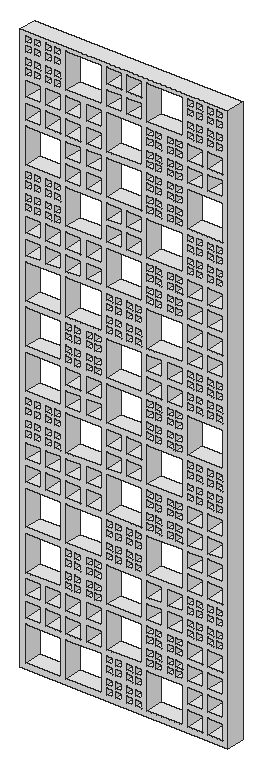
Revit family "Famiglia_Pannello_Facciata", category Curtain Panels, Revit 2014
Parameters (values of type "Pannello Verticale")
  Spessore_Pannello [instance] = 100 mm
  Materiale_Pannello_Acciaio [instance] = Aluminum
  Larghezza_Pannello [instance] = 1180 mm
  Altezza_Pannello [instance] = 3240 mm
Reference planes
  plane 1 "Center (Front/Back)": y = 0
  plane 2: z = 0
  plane 3 "Center (Left/Right)": x = 0
  plane 4 "Left": x = -590
  plane 5 "Right": x = 590
  plane 6 "Top": z = 3240
  plane 7: y = -100
  plane 8: z = 2660
  plane 9: z = 2430
  plane 10: z = 2200
  plane 11: z = 1970
  plane 12: z = 1740
  plane 13: z = 1510
  plane 14: z = 1280
  plane 15: z = 1050
  plane 16: z = 820
  plane 17: z = 590
  plane 18: z = 360
  plane 19: z = 130
  plane 20: z = 2890
  plane 21: z = 3120
Forms (mm)
  Extrusion 1, solid, material "Aluminum" <- "Materiale_Pannello_Acciaio"
    sketch origin (0, 0, 0) x (1, 0, 0) y (0, 0, 1)
      loop
        line (590, 3240) -> (-590, 3240) -> (-590, 0) -> (590, 0) -> (590, 3240)
      loop
        line (560, 2760) -> (360, 2760) -> (360, 2560) -> (560, 2560) -> (560, 2760)
      loop
        line (100, 2760) -> (-100, 2760) -> (-100, 2560) -> (100, 2560) -> (100, 2760)
      loop
        line (-360, 2760) -> (-560, 2760) -> (-560, 2560) -> (-360, 2560) -> (-360, 2760)
      loop
        line (165, 2710) -> (130, 2710) -> (130, 2675) -> (165, 2675) -> (165, 2710)
      loop
        line (-245, 2645) -> (-330, 2645) -> (-330, 2560) -> (-245, 2560) -> (-245, 2645)
      loop
        line (-130, 2645) -> (-215, 2645) -> (-215, 2560) -> (-130, 2560) -> (-130, 2645)
      loop
        line (-130, 2760) -> (-215, 2760) -> (-215, 2675) -> (-130, 2675) -> (-130, 2760)
      loop
        line (-245, 2760) -> (-330, 2760) -> (-330, 2675) -> (-245, 2675) -> (-245, 2760)
      loop
        line (215, 2710) -> (180, 2710) -> (180, 2675) -> (215, 2675) -> (215, 2710)
      loop
        line (165, 2760) -> (130, 2760) -> (130, 2725) -> (165, 2725) -> (165, 2760)
      loop
        line (215, 2760) -> (180, 2760) -> (180, 2725) -> (215, 2725) -> (215, 2760)
      loop
        line (165, 2595) -> (130, 2595) -> (130, 2560) -> (165, 2560) -> (165, 2595)
      loop
        line (215, 2595) -> (180, 2595) -> (180, 2560) -> (215, 2560) -> (215, 2595)
      loop
        line (165, 2645) -> (130, 2645) -> (130, 2610) -> (165, 2610) -> (165, 2645)
      loop
        line (215, 2645) -> (180, 2645) -> (180, 2610) -> (215, 2610) -> (215, 2645)
      loop
        line (280, 2710) -> (245, 2710) -> (245, 2675) -> (280, 2675) -> (280, 2710)
      loop
        line (330, 2710) -> (295, 2710) -> (295, 2675) -> (330, 2675) -> (330, 2710)
      loop
        line (280, 2760) -> (245, 2760) -> (245, 2725) -> (280, 2725) -> (280, 2760)
      loop
        line (330, 2760) -> (295, 2760) -> (295, 2725) -> (330, 2725) -> (330, 2760)
      loop
        line (280, 2595) -> (245, 2595) -> (245, 2560) -> (280, 2560) -> (280, 2595)
      loop
        line (330, 2595) -> (295, 2595) -> (295, 2560) -> (330, 2560) -> (330, 2595)
      loop
        line (280, 2645) -> (245, 2645) -> (245, 2610) -> (280, 2610) -> (280, 2645)
      loop
        line (330, 2645) -> (295, 2645) -> (295, 2610) -> (330, 2610) -> (330, 2645)
      loop
        line (-130, 2530) -> (-330, 2530) -> (-330, 2330) -> (-130, 2330) -> (-130, 2530)
      loop
        line (-525, 2480) -> (-560, 2480) -> (-560, 2445) -> (-525, 2445) -> (-525, 2480)
      loop
        line (-475, 2480) -> (-510, 2480) -> (-510, 2445) -> (-475, 2445) -> (-475, 2480)
      loop
        line (-525, 2530) -> (-560, 2530) -> (-560, 2495) -> (-525, 2495) -> (-525, 2530)
      loop
        line (-475, 2530) -> (-510, 2530) -> (-510, 2495) -> (-475, 2495) -> (-475, 2530)
      loop
        line (-525, 2365) -> (-560, 2365) -> (-560, 2330) -> (-525, 2330) -> (-525, 2365)
      loop
        line (-475, 2365) -> (-510, 2365) -> (-510, 2330) -> (-475, 2330) -> (-475, 2365)
      loop
        line (-525, 2415) -> (-560, 2415) -> (-560, 2380) -> (-525, 2380) -> (-525, 2415)
      loop
        line (-475, 2415) -> (-510, 2415) -> (-510, 2380) -> (-475, 2380) -> (-475, 2415)
      loop
        line (-410, 2480) -> (-445, 2480) -> (-445, 2445) -> (-410, 2445) -> (-410, 2480)
      loop
        line (-360, 2480) -> (-395, 2480) -> (-395, 2445) -> (-360, 2445) -> (-360, 2480)
      loop
        line (-410, 2530) -> (-445, 2530) -> (-445, 2495) -> (-410, 2495) -> (-410, 2530)
      loop
        line (-360, 2530) -> (-395, 2530) -> (-395, 2495) -> (-360, 2495) -> (-360, 2530)
      loop
        line (-410, 2365) -> (-445, 2365) -> (-445, 2330) -> (-410, 2330) -> (-410, 2365)
      loop
        line (-360, 2365) -> (-395, 2365) -> (-395, 2330) -> (-360, 2330) -> (-360, 2365)
      loop
        line (-410, 2415) -> (-445, 2415) -> (-445, 2380) -> (-410, 2380) -> (-410, 2415)
      loop
        line (-360, 2415) -> (-395, 2415) -> (-395, 2380) -> (-360, 2380) -> (-360, 2415)
      loop
        line (-245, 2185) -> (-330, 2185) -> (-330, 2100) -> (-245, 2100) -> (-245, 2185)
      loop
        line (-130, 2185) -> (-215, 2185) -> (-215, 2100) -> (-130, 2100) -> (-130, 2185)
      loop
        line (-130, 2300) -> (-215, 2300) -> (-215, 2215) -> (-130, 2215) -> (-130, 2300)
      loop
        line (-245, 2300) -> (-330, 2300) -> (-330, 2215) -> (-245, 2215) -> (-245, 2300)
      loop
        line (-130, 2070) -> (-330, 2070) -> (-330, 1870) -> (-130, 1870) -> (-130, 2070)
      loop
        line (-15, 2415) -> (-100, 2415) -> (-100, 2330) -> (-15, 2330) -> (-15, 2415)
      loop
        line (100, 2415) -> (15, 2415) -> (15, 2330) -> (100, 2330) -> (100, 2415)
      loop
        line (100, 2530) -> (15, 2530) -> (15, 2445) -> (100, 2445) -> (100, 2530)
      loop
        line (-15, 2530) -> (-100, 2530) -> (-100, 2445) -> (-15, 2445) -> (-15, 2530)
      loop
        line (-475, 2185) -> (-560, 2185) -> (-560, 2100) -> (-475, 2100) -> (-475, 2185)
      loop
        line (-360, 2185) -> (-445, 2185) -> (-445, 2100) -> (-360, 2100) -> (-360, 2185)
      loop
        line (-360, 2300) -> (-445, 2300) -> (-445, 2215) -> (-360, 2215) -> (-360, 2300)
      loop
        line (-475, 2300) -> (-560, 2300) -> (-560, 2215) -> (-475, 2215) -> (-475, 2300)
      loop
        line (100, 2300) -> (-100, 2300) -> (-100, 2100) -> (100, 2100) -> (100, 2300)
      loop
        line (165, 2250) -> (130, 2250) -> (130, 2215) -> (165, 2215) -> (165, 2250)
      loop
        line (215, 2250) -> (180, 2250) -> (180, 2215) -> (215, 2215) -> (215, 2250)
      loop
        line (165, 2300) -> (130, 2300) -> (130, 2265) -> (165, 2265) -> (165, 2300)
      loop
        line (215, 2300) -> (180, 2300) -> (180, 2265) -> (215, 2265) -> (215, 2300)
      loop
        line (165, 2135) -> (130, 2135) -> (130, 2100) -> (165, 2100) -> (165, 2135)
      loop
        line (215, 2135) -> (180, 2135) -> (180, 2100) -> (215, 2100) -> (215, 2135)
      loop
        line (165, 2185) -> (130, 2185) -> (130, 2150) -> (165, 2150) -> (165, 2185)
      loop
        line (215, 2185) -> (180, 2185) -> (180, 2150) -> (215, 2150) -> (215, 2185)
      loop
        line (280, 2250) -> (245, 2250) -> (245, 2215) -> (280, 2215) -> (280, 2250)
      loop
        line (330, 2250) -> (295, 2250) -> (295, 2215) -> (330, 2215) -> (330, 2250)
      loop
        line (280, 2300) -> (245, 2300) -> (245, 2265) -> (280, 2265) -> (280, 2300)
      loop
        line (330, 2300) -> (295, 2300) -> (295, 2265) -> (330, 2265) -> (330, 2300)
      loop
        line (280, 2135) -> (245, 2135) -> (245, 2100) -> (280, 2100) -> (280, 2135)
      loop
        line (330, 2135) -> (295, 2135) -> (295, 2100) -> (330, 2100) -> (330, 2135)
      loop
        line (280, 2185) -> (245, 2185) -> (245, 2150) -> (280, 2150) -> (280, 2185)
      loop
        line (330, 2185) -> (295, 2185) -> (295, 2150) -> (330, 2150) -> (330, 2185)
      loop
        line (330, 2530) -> (130, 2530) -> (130, 2330) -> (330, 2330) -> (330, 2530)
      loop
        line (330, 2070) -> (130, 2070) -> (130, 1870) -> (330, 1870) -> (330, 2070)
      loop
        line (-65, 2020) -> (-100, 2020) -> (-100, 1985) -> (-65, 1985) -> (-65, 2020)
      loop
        line (-15, 2020) -> (-50, 2020) -> (-50, 1985) -> (-15, 1985) -> (-15, 2020)
      loop
        line (-65, 2070) -> (-100, 2070) -> (-100, 2035) -> (-65, 2035) -> (-65, 2070)
      loop
        line (-15, 2070) -> (-50, 2070) -> (-50, 2035) -> (-15, 2035) -> (-15, 2070)
      loop
        line (-65, 1905) -> (-100, 1905) -> (-100, 1870) -> (-65, 1870) -> (-65, 1905)
      loop
        line (-15, 1905) -> (-50, 1905) -> (-50, 1870) -> (-15, 1870) -> (-15, 1905)
      loop
        line (-65, 1955) -> (-100, 1955) -> (-100, 1920) -> (-65, 1920) -> (-65, 1955)
      loop
        line (-15, 1955) -> (-50, 1955) -> (-50, 1920) -> (-15, 1920) -> (-15, 1955)
      loop
        line (50, 2020) -> (15, 2020) -> (15, 1985) -> (50, 1985) -> (50, 2020)
      loop
        line (100, 2020) -> (65, 2020) -> (65, 1985) -> (100, 1985) -> (100, 2020)
      loop
        line (50, 2070) -> (15, 2070) -> (15, 2035) -> (50, 2035) -> (50, 2070)
      loop
        line (100, 2070) -> (65, 2070) -> (65, 2035) -> (100, 2035) -> (100, 2070)
      loop
        line (50, 1905) -> (15, 1905) -> (15, 1870) -> (50, 1870) -> (50, 1905)
      loop
        line (100, 1905) -> (65, 1905) -> (65, 1870) -> (100, 1870) -> (100, 1905)
      loop
        line (50, 1955) -> (15, 1955) -> (15, 1920) -> (50, 1920) -> (50, 1955)
      loop
        line (100, 1955) -> (65, 1955) -> (65, 1920) -> (100, 1920) -> (100, 1955)
      loop
        line (395, 2480) -> (360, 2480) -> (360, 2445) -> (395, 2445) -> (395, 2480)
      loop
        line (445, 2480) -> (410, 2480) -> (410, 2445) -> (445, 2445) -> (445, 2480)
      loop
        line (395, 2530) -> (360, 2530) -> (360, 2495) -> (395, 2495) -> (395, 2530)
      loop
        line (445, 2530) -> (410, 2530) -> (410, 2495) -> (445, 2495) -> (445, 2530)
      loop
        line (395, 2365) -> (360, 2365) -> (360, 2330) -> (395, 2330) -> (395, 2365)
      loop
        line (445, 2365) -> (410, 2365) -> (410, 2330) -> (445, 2330) -> (445, 2365)
      loop
        line (395, 2415) -> (360, 2415) -> (360, 2380) -> (395, 2380) -> (395, 2415)
      loop
        line (445, 2415) -> (410, 2415) -> (410, 2380) -> (445, 2380) -> (445, 2415)
      loop
        line (510, 2480) -> (475, 2480) -> (475, 2445) -> (510, 2445) -> (510, 2480)
      loop
        line (560, 2480) -> (525, 2480) -> (525, 2445) -> (560, 2445) -> (560, 2480)
      loop
        line (510, 2530) -> (475, 2530) -> (475, 2495) -> (510, 2495) -> (510, 2530)
      loop
        line (560, 2530) -> (525, 2530) -> (525, 2495) -> (560, 2495) -> (560, 2530)
      loop
        line (510, 2365) -> (475, 2365) -> (475, 2330) -> (510, 2330) -> (510, 2365)
      loop
        line (560, 2365) -> (525, 2365) -> (525, 2330) -> (560, 2330) -> (560, 2365)
      loop
        line (510, 2415) -> (475, 2415) -> (475, 2380) -> (510, 2380) -> (510, 2415)
      loop
        line (560, 2415) -> (525, 2415) -> (525, 2380) -> (560, 2380) -> (560, 2415)
      loop
        line (445, 2185) -> (360, 2185) -> (360, 2100) -> (445, 2100) -> (445, 2185)
      loop
        line (560, 2185) -> (475, 2185) -> (475, 2100) -> (560, 2100) -> (560, 2185)
      loop
        line (560, 2300) -> (475, 2300) -> (475, 2215) -> (560, 2215) -> (560, 2300)
      loop
        line (445, 2300) -> (360, 2300) -> (360, 2215) -> (445, 2215) -> (445, 2300)
      loop
        line (215, 1725) -> (130, 1725) -> (130, 1640) -> (215, 1640) -> (215, 1725)
      loop
        line (330, 1725) -> (245, 1725) -> (245, 1640) -> (330, 1640) -> (330, 1725)
      loop
        line (330, 1840) -> (245, 1840) -> (245, 1755) -> (330, 1755) -> (330, 1840)
      loop
        line (215, 1840) -> (130, 1840) -> (130, 1755) -> (215, 1755) -> (215, 1840)
      loop
        line (100, 1840) -> (-100, 1840) -> (-100, 1640) -> (100, 1640) -> (100, 1840)
      loop
        line (-295, 1790) -> (-330, 1790) -> (-330, 1755) -> (-295, 1755) -> (-295, 1790)
      loop
        line (-245, 1790) -> (-280, 1790) -> (-280, 1755) -> (-245, 1755) -> (-245, 1790)
      loop
        line (-295, 1840) -> (-330, 1840) -> (-330, 1805) -> (-295, 1805) -> (-295, 1840)
      loop
        line (-245, 1840) -> (-280, 1840) -> (-280, 1805) -> (-245, 1805) -> (-245, 1840)
      loop
        line (-295, 1675) -> (-330, 1675) -> (-330, 1640) -> (-295, 1640) -> (-295, 1675)
      loop
        line (-245, 1675) -> (-280, 1675) -> (-280, 1640) -> (-245, 1640) -> (-245, 1675)
      loop
        line (-295, 1725) -> (-330, 1725) -> (-330, 1690) -> (-295, 1690) -> (-295, 1725)
      loop
        line (-245, 1725) -> (-280, 1725) -> (-280, 1690) -> (-245, 1690) -> (-245, 1725)
      loop
        line (-180, 1790) -> (-215, 1790) -> (-215, 1755) -> (-180, 1755) -> (-180, 1790)
      loop
        line (-130, 1790) -> (-165, 1790) -> (-165, 1755) -> (-130, 1755) -> (-130, 1790)
      loop
        line (-180, 1840) -> (-215, 1840) -> (-215, 1805) -> (-180, 1805) -> (-180, 1840)
      loop
        line (-130, 1840) -> (-165, 1840) -> (-165, 1805) -> (-130, 1805) -> (-130, 1840)
      loop
        line (-180, 1675) -> (-215, 1675) -> (-215, 1640) -> (-180, 1640) -> (-180, 1675)
      loop
        line (-130, 1675) -> (-165, 1675) -> (-165, 1640) -> (-130, 1640) -> (-130, 1675)
      loop
        line (-180, 1725) -> (-215, 1725) -> (-215, 1690) -> (-180, 1690) -> (-180, 1725)
      loop
        line (-130, 1725) -> (-165, 1725) -> (-165, 1690) -> (-130, 1690) -> (-130, 1725)
      loop
        line (-360, 2070) -> (-560, 2070) -> (-560, 1870) -> (-360, 1870) -> (-360, 2070)
      loop
        line (-360, 1840) -> (-560, 1840) -> (-560, 1640) -> (-360, 1640) -> (-360, 1840)
      loop
        line (445, 1955) -> (360, 1955) -> (360, 1870) -> (445, 1870) -> (445, 1955)
      loop
        line (560, 1955) -> (475, 1955) -> (475, 1870) -> (560, 1870) -> (560, 1955)
      loop
        line (560, 2070) -> (475, 2070) -> (475, 1985) -> (560, 1985) -> (560, 2070)
      loop
        line (445, 2070) -> (360, 2070) -> (360, 1985) -> (445, 1985) -> (445, 2070)
      loop
        line (395, 1790) -> (360, 1790) -> (360, 1755) -> (395, 1755) -> (395, 1790)
      loop
        line (445, 1790) -> (410, 1790) -> (410, 1755) -> (445, 1755) -> (445, 1790)
      loop
        line (395, 1840) -> (360, 1840) -> (360, 1805) -> (395, 1805) -> (395, 1840)
      loop
        line (445, 1840) -> (410, 1840) -> (410, 1805) -> (445, 1805) -> (445, 1840)
      loop
        line (395, 1675) -> (360, 1675) -> (360, 1640) -> (395, 1640) -> (395, 1675)
      loop
        line (445, 1675) -> (410, 1675) -> (410, 1640) -> (445, 1640) -> (445, 1675)
      loop
        line (395, 1725) -> (360, 1725) -> (360, 1690) -> (395, 1690) -> (395, 1725)
      loop
        line (445, 1725) -> (410, 1725) -> (410, 1690) -> (445, 1690) -> (445, 1725)
      loop
        line (510, 1790) -> (475, 1790) -> (475, 1755) -> (510, 1755) -> (510, 1790)
      loop
        line (560, 1790) -> (525, 1790) -> (525, 1755) -> (560, 1755) -> (560, 1790)
      loop
        line (510, 1840) -> (475, 1840) -> (475, 1805) -> (510, 1805) -> (510, 1840)
      loop
        line (560, 1840) -> (525, 1840) -> (525, 1805) -> (560, 1805) -> (560, 1840)
      loop
        line (510, 1675) -> (475, 1675) -> (475, 1640) -> (510, 1640) -> (510, 1675)
      loop
        line (560, 1675) -> (525, 1675) -> (525, 1640) -> (560, 1640) -> (560, 1675)
      loop
        line (510, 1725) -> (475, 1725) -> (475, 1690) -> (510, 1690) -> (510, 1725)
      loop
        line (560, 1725) -> (525, 1725) -> (525, 1690) -> (560, 1690) -> (560, 1725)
      loop
        line (560, 1610) -> (360, 1610) -> (360, 1410) -> (560, 1410) -> (560, 1610)
      loop
        line (100, 1610) -> (-100, 1610) -> (-100, 1410) -> (100, 1410) -> (100, 1610)
      loop
        line (-360, 1610) -> (-560, 1610) -> (-560, 1410) -> (-360, 1410) -> (-360, 1610)
      loop
        line (165, 1560) -> (130, 1560) -> (130, 1525) -> (165, 1525) -> (165, 1560)
      loop
        line (-245, 1495) -> (-330, 1495) -> (-330, 1410) -> (-245, 1410) -> (-245, 1495)
      loop
        line (-130, 1495) -> (-215, 1495) -> (-215, 1410) -> (-130, 1410) -> (-130, 1495)
      loop
        line (-130, 1610) -> (-215, 1610) -> (-215, 1525) -> (-130, 1525) -> (-130, 1610)
      loop
        line (-245, 1610) -> (-330, 1610) -> (-330, 1525) -> (-245, 1525) -> (-245, 1610)
      loop
        line (215, 1560) -> (180, 1560) -> (180, 1525) -> (215, 1525) -> (215, 1560)
      loop
        line (165, 1610) -> (130, 1610) -> (130, 1575) -> (165, 1575) -> (165, 1610)
      loop
        line (215, 1610) -> (180, 1610) -> (180, 1575) -> (215, 1575) -> (215, 1610)
      loop
        line (165, 1445) -> (130, 1445) -> (130, 1410) -> (165, 1410) -> (165, 1445)
      loop
        line (215, 1445) -> (180, 1445) -> (180, 1410) -> (215, 1410) -> (215, 1445)
      loop
        line (165, 1495) -> (130, 1495) -> (130, 1460) -> (165, 1460) -> (165, 1495)
      loop
        line (215, 1495) -> (180, 1495) -> (180, 1460) -> (215, 1460) -> (215, 1495)
      loop
        line (280, 1560) -> (245, 1560) -> (245, 1525) -> (280, 1525) -> (280, 1560)
      loop
        line (330, 1560) -> (295, 1560) -> (295, 1525) -> (330, 1525) -> (330, 1560)
      loop
        line (280, 1610) -> (245, 1610) -> (245, 1575) -> (280, 1575) -> (280, 1610)
      loop
        line (330, 1610) -> (295, 1610) -> (295, 1575) -> (330, 1575) -> (330, 1610)
      loop
        line (280, 1445) -> (245, 1445) -> (245, 1410) -> (280, 1410) -> (280, 1445)
      loop
        line (330, 1445) -> (295, 1445) -> (295, 1410) -> (330, 1410) -> (330, 1445)
      loop
        line (280, 1495) -> (245, 1495) -> (245, 1460) -> (280, 1460) -> (280, 1495)
      loop
        line (330, 1495) -> (295, 1495) -> (295, 1460) -> (330, 1460) -> (330, 1495)
      loop
        line (-130, 1380) -> (-330, 1380) -> (-330, 1180) -> (-130, 1180) -> (-130, 1380)
      loop
        line (-525, 1330) -> (-560, 1330) -> (-560, 1295) -> (-525, 1295) -> (-525, 1330)
      loop
        line (-475, 1330) -> (-510, 1330) -> (-510, 1295) -> (-475, 1295) -> (-475, 1330)
      loop
        line (-525, 1380) -> (-560, 1380) -> (-560, 1345) -> (-525, 1345) -> (-525, 1380)
      loop
        line (-475, 1380) -> (-510, 1380) -> (-510, 1345) -> (-475, 1345) -> (-475, 1380)
      loop
        line (-525, 1215) -> (-560, 1215) -> (-560, 1180) -> (-525, 1180) -> (-525, 1215)
      loop
        line (-475, 1215) -> (-510, 1215) -> (-510, 1180) -> (-475, 1180) -> (-475, 1215)
      loop
        line (-525, 1265) -> (-560, 1265) -> (-560, 1230) -> (-525, 1230) -> (-525, 1265)
      loop
        line (-475, 1265) -> (-510, 1265) -> (-510, 1230) -> (-475, 1230) -> (-475, 1265)
      loop
        line (-410, 1330) -> (-445, 1330) -> (-445, 1295) -> (-410, 1295) -> (-410, 1330)
      loop
        line (-360, 1330) -> (-395, 1330) -> (-395, 1295) -> (-360, 1295) -> (-360, 1330)
      loop
        line (-410, 1380) -> (-445, 1380) -> (-445, 1345) -> (-410, 1345) -> (-410, 1380)
      loop
        line (-360, 1380) -> (-395, 1380) -> (-395, 1345) -> (-360, 1345) -> (-360, 1380)
      loop
        line (-410, 1215) -> (-445, 1215) -> (-445, 1180) -> (-410, 1180) -> (-410, 1215)
      loop
        line (-360, 1215) -> (-395, 1215) -> (-395, 1180) -> (-360, 1180) -> (-360, 1215)
      loop
        line (-410, 1265) -> (-445, 1265) -> (-445, 1230) -> (-410, 1230) -> (-410, 1265)
      loop
        line (-360, 1265) -> (-395, 1265) -> (-395, 1230) -> (-360, 1230) -> (-360, 1265)
      loop
        line (-245, 1035) -> (-330, 1035) -> (-330, 950) -> (-245, 950) -> (-245, 1035)
      loop
        line (-130, 1035) -> (-215, 1035) -> (-215, 950) -> (-130, 950) -> (-130, 1035)
      loop
        line (-130, 1150) -> (-215, 1150) -> (-215, 1065) -> (-130, 1065) -> (-130, 1150)
      loop
        line (-245, 1150) -> (-330, 1150) -> (-330, 1065) -> (-245, 1065) -> (-245, 1150)
      loop
        line (-130, 920) -> (-330, 920) -> (-330, 720) -> (-130, 720) -> (-130, 920)
      loop
        line (-15, 1265) -> (-100, 1265) -> (-100, 1180) -> (-15, 1180) -> (-15, 1265)
      loop
        line (100, 1265) -> (15, 1265) -> (15, 1180) -> (100, 1180) -> (100, 1265)
      loop
        line (100, 1380) -> (15, 1380) -> (15, 1295) -> (100, 1295) -> (100, 1380)
      loop
        line (-15, 1380) -> (-100, 1380) -> (-100, 1295) -> (-15, 1295) -> (-15, 1380)
      loop
        line (-475, 1035) -> (-560, 1035) -> (-560, 950) -> (-475, 950) -> (-475, 1035)
      loop
        line (-360, 1035) -> (-445, 1035) -> (-445, 950) -> (-360, 950) -> (-360, 1035)
      loop
        line (-360, 1150) -> (-445, 1150) -> (-445, 1065) -> (-360, 1065) -> (-360, 1150)
      loop
        line (-475, 1150) -> (-560, 1150) -> (-560, 1065) -> (-475, 1065) -> (-475, 1150)
      loop
        line (100, 1150) -> (-100, 1150) -> (-100, 950) -> (100, 950) -> (100, 1150)
      loop
        line (165, 1100) -> (130, 1100) -> (130, 1065) -> (165, 1065) -> (165, 1100)
      loop
        line (215, 1100) -> (180, 1100) -> (180, 1065) -> (215, 1065) -> (215, 1100)
      loop
        line (165, 1150) -> (130, 1150) -> (130, 1115) -> (165, 1115) -> (165, 1150)
      loop
        line (215, 1150) -> (180, 1150) -> (180, 1115) -> (215, 1115) -> (215, 1150)
      loop
        line (165, 985) -> (130, 985) -> (130, 950) -> (165, 950) -> (165, 985)
      loop
        line (215, 985) -> (180, 985) -> (180, 950) -> (215, 950) -> (215, 985)
      loop
        line (165, 1035) -> (130, 1035) -> (130, 1000) -> (165, 1000) -> (165, 1035)
      loop
        line (215, 1035) -> (180, 1035) -> (180, 1000) -> (215, 1000) -> (215, 1035)
      loop
        line (280, 1100) -> (245, 1100) -> (245, 1065) -> (280, 1065) -> (280, 1100)
      loop
        line (330, 1100) -> (295, 1100) -> (295, 1065) -> (330, 1065) -> (330, 1100)
      loop
        line (280, 1150) -> (245, 1150) -> (245, 1115) -> (280, 1115) -> (280, 1150)
      loop
        line (330, 1150) -> (295, 1150) -> (295, 1115) -> (330, 1115) -> (330, 1150)
      loop
        line (280, 985) -> (245, 985) -> (245, 950) -> (280, 950) -> (280, 985)
      loop
        line (330, 985) -> (295, 985) -> (295, 950) -> (330, 950) -> (330, 985)
      loop
        line (280, 1035) -> (245, 1035) -> (245, 1000) -> (280, 1000) -> (280, 1035)
      loop
        line (330, 1035) -> (295, 1035) -> (295, 1000) -> (330, 1000) -> (330, 1035)
      loop
        line (330, 1380) -> (130, 1380) -> (130, 1180) -> (330, 1180) -> (330, 1380)
      loop
        line (330, 920) -> (130, 920) -> (130, 720) -> (330, 720) -> (330, 920)
      loop
        line (-65, 870) -> (-100, 870) -> (-100, 835) -> (-65, 835) -> (-65, 870)
      loop
        line (-15, 870) -> (-50, 870) -> (-50, 835) -> (-15, 835) -> (-15, 870)
      loop
        line (-65, 920) -> (-100, 920) -> (-100, 885) -> (-65, 885) -> (-65, 920)
      loop
        line (-15, 920) -> (-50, 920) -> (-50, 885) -> (-15, 885) -> (-15, 920)
      loop
        line (-65, 755) -> (-100, 755) -> (-100, 720) -> (-65, 720) -> (-65, 755)
      loop
        line (-15, 755) -> (-50, 755) -> (-50, 720) -> (-15, 720) -> (-15, 755)
      loop
        line (-65, 805) -> (-100, 805) -> (-100, 770) -> (-65, 770) -> (-65, 805)
      loop
        line (-15, 805) -> (-50, 805) -> (-50, 770) -> (-15, 770) -> (-15, 805)
      loop
        line (50, 870) -> (15, 870) -> (15, 835) -> (50, 835) -> (50, 870)
      loop
        line (100, 870) -> (65, 870) -> (65, 835) -> (100, 835) -> (100, 870)
      loop
        line (50, 920) -> (15, 920) -> (15, 885) -> (50, 885) -> (50, 920)
      loop
        line (100, 920) -> (65, 920) -> (65, 885) -> (100, 885) -> (100, 920)
      loop
        line (50, 755) -> (15, 755) -> (15, 720) -> (50, 720) -> (50, 755)
      loop
        line (100, 755) -> (65, 755) -> (65, 720) -> (100, 720) -> (100, 755)
      loop
        line (50, 805) -> (15, 805) -> (15, 770) -> (50, 770) -> (50, 805)
      loop
        line (100, 805) -> (65, 805) -> (65, 770) -> (100, 770) -> (100, 805)
      loop
        line (395, 1330) -> (360, 1330) -> (360, 1295) -> (395, 1295) -> (395, 1330)
      loop
        line (445, 1330) -> (410, 1330) -> (410, 1295) -> (445, 1295) -> (445, 1330)
      loop
        line (395, 1380) -> (360, 1380) -> (360, 1345) -> (395, 1345) -> (395, 1380)
      loop
        line (445, 1380) -> (410, 1380) -> (410, 1345) -> (445, 1345) -> (445, 1380)
      loop
        line (395, 1215) -> (360, 1215) -> (360, 1180) -> (395, 1180) -> (395, 1215)
      loop
        line (445, 1215) -> (410, 1215) -> (410, 1180) -> (445, 1180) -> (445, 1215)
      loop
        line (395, 1265) -> (360, 1265) -> (360, 1230) -> (395, 1230) -> (395, 1265)
      loop
        line (445, 1265) -> (410, 1265) -> (410, 1230) -> (445, 1230) -> (445, 1265)
      loop
        line (510, 1330) -> (475, 1330) -> (475, 1295) -> (510, 1295) -> (510, 1330)
      loop
        line (560, 1330) -> (525, 1330) -> (525, 1295) -> (560, 1295) -> (560, 1330)
      loop
        line (510, 1380) -> (475, 1380) -> (475, 1345) -> (510, 1345) -> (510, 1380)
      loop
        line (560, 1380) -> (525, 1380) -> (525, 1345) -> (560, 1345) -> (560, 1380)
      loop
        line (510, 1215) -> (475, 1215) -> (475, 1180) -> (510, 1180) -> (510, 1215)
      loop
        line (560, 1215) -> (525, 1215) -> (525, 1180) -> (560, 1180) -> (560, 1215)
      loop
        line (510, 1265) -> (475, 1265) -> (475, 1230) -> (510, 1230) -> (510, 1265)
      loop
        line (560, 1265) -> (525, 1265) -> (525, 1230) -> (560, 1230) -> (560, 1265)
      loop
        line (445, 1035) -> (360, 1035) -> (360, 950) -> (445, 950) -> (445, 1035)
      loop
        line (560, 1035) -> (475, 1035) -> (475, 950) -> (560, 950) -> (560, 1035)
      loop
        line (560, 1150) -> (475, 1150) -> (475, 1065) -> (560, 1065) -> (560, 1150)
      loop
        line (445, 1150) -> (360, 1150) -> (360, 1065) -> (445, 1065) -> (445, 1150)
      loop
        line (215, 575) -> (130, 575) -> (130, 490) -> (215, 490) -> (215, 575)
      loop
        line (330, 575) -> (245, 575) -> (245, 490) -> (330, 490) -> (330, 575)
      loop
        line (330, 690) -> (245, 690) -> (245, 605) -> (330, 605) -> (330, 690)
      loop
        line (215, 690) -> (130, 690) -> (130, 605) -> (215, 605) -> (215, 690)
      loop
        line (100, 690) -> (-100, 690) -> (-100, 490) -> (100, 490) -> (100, 690)
      loop
        line (-295, 640) -> (-330, 640) -> (-330, 605) -> (-295, 605) -> (-295, 640)
      loop
        line (-245, 640) -> (-280, 640) -> (-280, 605) -> (-245, 605) -> (-245, 640)
      loop
        line (-295, 690) -> (-330, 690) -> (-330, 655) -> (-295, 655) -> (-295, 690)
      loop
        line (-245, 690) -> (-280, 690) -> (-280, 655) -> (-245, 655) -> (-245, 690)
      loop
        line (-295, 525) -> (-330, 525) -> (-330, 490) -> (-295, 490) -> (-295, 525)
      loop
        line (-245, 525) -> (-280, 525) -> (-280, 490) -> (-245, 490) -> (-245, 525)
      loop
        line (-295, 575) -> (-330, 575) -> (-330, 540) -> (-295, 540) -> (-295, 575)
      loop
        line (-245, 575) -> (-280, 575) -> (-280, 540) -> (-245, 540) -> (-245, 575)
      loop
        line (-180, 640) -> (-215, 640) -> (-215, 605) -> (-180, 605) -> (-180, 640)
      loop
        line (-130, 640) -> (-165, 640) -> (-165, 605) -> (-130, 605) -> (-130, 640)
      loop
        line (-180, 690) -> (-215, 690) -> (-215, 655) -> (-180, 655) -> (-180, 690)
      loop
        line (-130, 690) -> (-165, 690) -> (-165, 655) -> (-130, 655) -> (-130, 690)
      loop
        line (-180, 525) -> (-215, 525) -> (-215, 490) -> (-180, 490) -> (-180, 525)
      loop
        line (-130, 525) -> (-165, 525) -> (-165, 490) -> (-130, 490) -> (-130, 525)
      loop
        line (-180, 575) -> (-215, 575) -> (-215, 540) -> (-180, 540) -> (-180, 575)
      loop
        line (-130, 575) -> (-165, 575) -> (-165, 540) -> (-130, 540) -> (-130, 575)
      loop
        line (-360, 920) -> (-560, 920) -> (-560, 720) -> (-360, 720) -> (-360, 920)
      loop
        line (-360, 690) -> (-560, 690) -> (-560, 490) -> (-360, 490) -> (-360, 690)
      loop
        line (445, 805) -> (360, 805) -> (360, 720) -> (445, 720) -> (445, 805)
      loop
        line (560, 805) -> (475, 805) -> (475, 720) -> (560, 720) -> (560, 805)
      loop
        line (560, 920) -> (475, 920) -> (475, 835) -> (560, 835) -> (560, 920)
      loop
        line (445, 920) -> (360, 920) -> (360, 835) -> (445, 835) -> (445, 920)
      loop
        line (395, 640) -> (360, 640) -> (360, 605) -> (395, 605) -> (395, 640)
      loop
        line (445, 640) -> (410, 640) -> (410, 605) -> (445, 605) -> (445, 640)
      loop
        line (395, 690) -> (360, 690) -> (360, 655) -> (395, 655) -> (395, 690)
      loop
        line (445, 690) -> (410, 690) -> (410, 655) -> (445, 655) -> (445, 690)
      loop
        line (395, 525) -> (360, 525) -> (360, 490) -> (395, 490) -> (395, 525)
      loop
        line (445, 525) -> (410, 525) -> (410, 490) -> (445, 490) -> (445, 525)
      loop
        line (395, 575) -> (360, 575) -> (360, 540) -> (395, 540) -> (395, 575)
      loop
        line (445, 575) -> (410, 575) -> (410, 540) -> (445, 540) -> (445, 575)
      loop
        line (510, 640) -> (475, 640) -> (475, 605) -> (510, 605) -> (510, 640)
      loop
        line (560, 640) -> (525, 640) -> (525, 605) -> (560, 605) -> (560, 640)
      loop
        line (510, 690) -> (475, 690) -> (475, 655) -> (510, 655) -> (510, 690)
      loop
        line (560, 690) -> (525, 690) -> (525, 655) -> (560, 655) -> (560, 690)
      loop
        line (510, 525) -> (475, 525) -> (475, 490) -> (510, 490) -> (510, 525)
      loop
        line (560, 525) -> (525, 525) -> (525, 490) -> (560, 490) -> (560, 525)
      loop
        line (510, 575) -> (475, 575) -> (475, 540) -> (510, 540) -> (510, 575)
      loop
        line (560, 575) -> (525, 575) -> (525, 540) -> (560, 540) -> (560, 575)
      loop
        line (-245, 345) -> (-330, 345) -> (-330, 260) -> (-245, 260) -> (-245, 345)
      loop
        line (-130, 345) -> (-215, 345) -> (-215, 260) -> (-130, 260) -> (-130, 345)
      loop
        line (-130, 460) -> (-215, 460) -> (-215, 375) -> (-130, 375) -> (-130, 460)
      loop
        line (-245, 460) -> (-330, 460) -> (-330, 375) -> (-245, 375) -> (-245, 460)
      loop
        line (-130, 230) -> (-330, 230) -> (-330, 30) -> (-130, 30) -> (-130, 230)
      loop
        line (-475, 345) -> (-560, 345) -> (-560, 260) -> (-475, 260) -> (-475, 345)
      loop
        line (-360, 345) -> (-445, 345) -> (-445, 260) -> (-360, 260) -> (-360, 345)
      loop
        line (-360, 460) -> (-445, 460) -> (-445, 375) -> (-360, 375) -> (-360, 460)
      loop
        line (-475, 460) -> (-560, 460) -> (-560, 375) -> (-475, 375) -> (-475, 460)
      loop
        line (100, 460) -> (-100, 460) -> (-100, 260) -> (100, 260) -> (100, 460)
      loop
        line (165, 410) -> (130, 410) -> (130, 375) -> (165, 375) -> (165, 410)
      loop
        line (215, 410) -> (180, 410) -> (180, 375) -> (215, 375) -> (215, 410)
      loop
        line (165, 460) -> (130, 460) -> (130, 425) -> (165, 425) -> (165, 460)
      loop
        line (215, 460) -> (180, 460) -> (180, 425) -> (215, 425) -> (215, 460)
      loop
        line (165, 295) -> (130, 295) -> (130, 260) -> (165, 260) -> (165, 295)
      loop
        line (215, 295) -> (180, 295) -> (180, 260) -> (215, 260) -> (215, 295)
      loop
        line (165, 345) -> (130, 345) -> (130, 310) -> (165, 310) -> (165, 345)
      loop
        line (215, 345) -> (180, 345) -> (180, 310) -> (215, 310) -> (215, 345)
      loop
        line (280, 410) -> (245, 410) -> (245, 375) -> (280, 375) -> (280, 410)
      loop
        line (330, 410) -> (295, 410) -> (295, 375) -> (330, 375) -> (330, 410)
      loop
        line (280, 460) -> (245, 460) -> (245, 425) -> (280, 425) -> (280, 460)
      loop
        line (330, 460) -> (295, 460) -> (295, 425) -> (330, 425) -> (330, 460)
      loop
        line (280, 295) -> (245, 295) -> (245, 260) -> (280, 260) -> (280, 295)
      loop
        line (330, 295) -> (295, 295) -> (295, 260) -> (330, 260) -> (330, 295)
      loop
        line (280, 345) -> (245, 345) -> (245, 310) -> (280, 310) -> (280, 345)
      loop
        line (330, 345) -> (295, 345) -> (295, 310) -> (330, 310) -> (330, 345)
      loop
        line (330, 230) -> (130, 230) -> (130, 30) -> (330, 30) -> (330, 230)
      loop
        line (-65, 180) -> (-100, 180) -> (-100, 145) -> (-65, 145) -> (-65, 180)
      loop
        line (-15, 180) -> (-50, 180) -> (-50, 145) -> (-15, 145) -> (-15, 180)
      loop
        line (-65, 230) -> (-100, 230) -> (-100, 195) -> (-65, 195) -> (-65, 230)
      loop
        line (-15, 230) -> (-50, 230) -> (-50, 195) -> (-15, 195) -> (-15, 230)
      loop
        line (-65, 65) -> (-100, 65) -> (-100, 30) -> (-65, 30) -> (-65, 65)
      loop
        line (-15, 65) -> (-50, 65) -> (-50, 30) -> (-15, 30) -> (-15, 65)
      loop
        line (-65, 115) -> (-100, 115) -> (-100, 80) -> (-65, 80) -> (-65, 115)
      loop
        line (-15, 115) -> (-50, 115) -> (-50, 80) -> (-15, 80) -> (-15, 115)
      loop
        line (50, 180) -> (15, 180) -> (15, 145) -> (50, 145) -> (50, 180)
      loop
        line (100, 180) -> (65, 180) -> (65, 145) -> (100, 145) -> (100, 180)
      loop
        line (50, 230) -> (15, 230) -> (15, 195) -> (50, 195) -> (50, 230)
      loop
        line (100, 230) -> (65, 230) -> (65, 195) -> (100, 195) -> (100, 230)
      loop
        line (50, 65) -> (15, 65) -> (15, 30) -> (50, 30) -> (50, 65)
      loop
        line (100, 65) -> (65, 65) -> (65, 30) -> (100, 30) -> (100, 65)
      loop
        line (50, 115) -> (15, 115) -> (15, 80) -> (50, 80) -> (50, 115)
      loop
        line (100, 115) -> (65, 115) -> (65, 80) -> (100, 80) -> (100, 115)
      loop
        line (445, 345) -> (360, 345) -> (360, 260) -> (445, 260) -> (445, 345)
      loop
        line (560, 345) -> (475, 345) -> (475, 260) -> (560, 260) -> (560, 345)
      loop
        line (560, 460) -> (475, 460) -> (475, 375) -> (560, 375) -> (560, 460)
      loop
        line (445, 460) -> (360, 460) -> (360, 375) -> (445, 375) -> (445, 460)
      loop
        line (-360, 230) -> (-560, 230) -> (-560, 30) -> (-360, 30) -> (-360, 230)
      loop
        line (445, 115) -> (360, 115) -> (360, 30) -> (445, 30) -> (445, 115)
      loop
        line (560, 115) -> (475, 115) -> (475, 30) -> (560, 30) -> (560, 115)
      loop
        line (560, 230) -> (475, 230) -> (475, 145) -> (560, 145) -> (560, 230)
      loop
        line (445, 230) -> (360, 230) -> (360, 145) -> (445, 145) -> (445, 230)
      loop
        line (-130, 3220) -> (-330, 3220) -> (-330, 3020) -> (-130, 3020) -> (-130, 3220)
      loop
        line (-525, 3170) -> (-560, 3170) -> (-560, 3135) -> (-525, 3135) -> (-525, 3170)
      loop
        line (-475, 3170) -> (-510, 3170) -> (-510, 3135) -> (-475, 3135) -> (-475, 3170)
      loop
        line (-525, 3220) -> (-560, 3220) -> (-560, 3185) -> (-525, 3185) -> (-525, 3220)
      loop
        line (-475, 3220) -> (-510, 3220) -> (-510, 3185) -> (-475, 3185) -> (-475, 3220)
      loop
        line (-525, 3055) -> (-560, 3055) -> (-560, 3020) -> (-525, 3020) -> (-525, 3055)
      loop
        line (-475, 3055) -> (-510, 3055) -> (-510, 3020) -> (-475, 3020) -> (-475, 3055)
      loop
        line (-525, 3105) -> (-560, 3105) -> (-560, 3070) -> (-525, 3070) -> (-525, 3105)
      loop
        line (-475, 3105) -> (-510, 3105) -> (-510, 3070) -> (-475, 3070) -> (-475, 3105)
      loop
        line (-410, 3170) -> (-445, 3170) -> (-445, 3135) -> (-410, 3135) -> (-410, 3170)
      loop
        line (-360, 3170) -> (-395, 3170) -> (-395, 3135) -> (-360, 3135) -> (-360, 3170)
      loop
        line (-410, 3220) -> (-445, 3220) -> (-445, 3185) -> (-410, 3185) -> (-410, 3220)
      loop
        line (-360, 3220) -> (-395, 3220) -> (-395, 3185) -> (-360, 3185) -> (-360, 3220)
      loop
        line (-410, 3055) -> (-445, 3055) -> (-445, 3020) -> (-410, 3020) -> (-410, 3055)
      loop
        line (-360, 3055) -> (-395, 3055) -> (-395, 3020) -> (-360, 3020) -> (-360, 3055)
      loop
        line (-410, 3105) -> (-445, 3105) -> (-445, 3070) -> (-410, 3070) -> (-410, 3105)
      loop
        line (-360, 3105) -> (-395, 3105) -> (-395, 3070) -> (-360, 3070) -> (-360, 3105)
      loop
        line (-15, 3105) -> (-100, 3105) -> (-100, 3020) -> (-15, 3020) -> (-15, 3105)
      loop
        line (100, 3105) -> (15, 3105) -> (15, 3020) -> (100, 3020) -> (100, 3105)
      loop
        line (100, 3220) -> (15, 3220) -> (15, 3135) -> (100, 3135) -> (100, 3220)
      loop
        line (-15, 3220) -> (-100, 3220) -> (-100, 3135) -> (-15, 3135) -> (-15, 3220)
      loop
        line (330, 3220) -> (130, 3220) -> (130, 3020) -> (330, 3020) -> (330, 3220)
      loop
        line (395, 3170) -> (360, 3170) -> (360, 3135) -> (395, 3135) -> (395, 3170)
      loop
        line (445, 3170) -> (410, 3170) -> (410, 3135) -> (445, 3135) -> (445, 3170)
      loop
        line (395, 3220) -> (360, 3220) -> (360, 3185) -> (395, 3185) -> (395, 3220)
      loop
        line (445, 3220) -> (410, 3220) -> (410, 3185) -> (445, 3185) -> (445, 3220)
      loop
        line (395, 3055) -> (360, 3055) -> (360, 3020) -> (395, 3020) -> (395, 3055)
      loop
        line (445, 3055) -> (410, 3055) -> (410, 3020) -> (445, 3020) -> (445, 3055)
      loop
        line (395, 3105) -> (360, 3105) -> (360, 3070) -> (395, 3070) -> (395, 3105)
      loop
        line (445, 3105) -> (410, 3105) -> (410, 3070) -> (445, 3070) -> (445, 3105)
      loop
        line (510, 3170) -> (475, 3170) -> (475, 3135) -> (510, 3135) -> (510, 3170)
      loop
        line (560, 3170) -> (525, 3170) -> (525, 3135) -> (560, 3135) -> (560, 3170)
      loop
        line (510, 3220) -> (475, 3220) -> (475, 3185) -> (510, 3185) -> (510, 3220)
      loop
        line (560, 3220) -> (525, 3220) -> (525, 3185) -> (560, 3185) -> (560, 3220)
      loop
        line (510, 3055) -> (475, 3055) -> (475, 3020) -> (510, 3020) -> (510, 3055)
      loop
        line (560, 3055) -> (525, 3055) -> (525, 3020) -> (560, 3020) -> (560, 3055)
      loop
        line (510, 3105) -> (475, 3105) -> (475, 3070) -> (510, 3070) -> (510, 3105)
      loop
        line (560, 3105) -> (525, 3105) -> (525, 3070) -> (560, 3070) -> (560, 3105)
      loop
        line (-245, 2875) -> (-330, 2875) -> (-330, 2790) -> (-245, 2790) -> (-245, 2875)
      loop
        line (-130, 2875) -> (-215, 2875) -> (-215, 2790) -> (-130, 2790) -> (-130, 2875)
      loop
        line (-130, 2990) -> (-215, 2990) -> (-215, 2905) -> (-130, 2905) -> (-130, 2990)
      loop
        line (-245, 2990) -> (-330, 2990) -> (-330, 2905) -> (-245, 2905) -> (-245, 2990)
      loop
        line (-475, 2875) -> (-560, 2875) -> (-560, 2790) -> (-475, 2790) -> (-475, 2875)
      loop
        line (-360, 2875) -> (-445, 2875) -> (-445, 2790) -> (-360, 2790) -> (-360, 2875)
      loop
        line (-360, 2990) -> (-445, 2990) -> (-445, 2905) -> (-360, 2905) -> (-360, 2990)
      loop
        line (-475, 2990) -> (-560, 2990) -> (-560, 2905) -> (-475, 2905) -> (-475, 2990)
      loop
        line (100, 2990) -> (-100, 2990) -> (-100, 2790) -> (100, 2790) -> (100, 2990)
      loop
        line (165, 2940) -> (130, 2940) -> (130, 2905) -> (165, 2905) -> (165, 2940)
      loop
        line (215, 2940) -> (180, 2940) -> (180, 2905) -> (215, 2905) -> (215, 2940)
      loop
        line (165, 2990) -> (130, 2990) -> (130, 2955) -> (165, 2955) -> (165, 2990)
      loop
        line (215, 2990) -> (180, 2990) -> (180, 2955) -> (215, 2955) -> (215, 2990)
      loop
        line (165, 2825) -> (130, 2825) -> (130, 2790) -> (165, 2790) -> (165, 2825)
      loop
        line (215, 2825) -> (180, 2825) -> (180, 2790) -> (215, 2790) -> (215, 2825)
      loop
        line (165, 2875) -> (130, 2875) -> (130, 2840) -> (165, 2840) -> (165, 2875)
      loop
        line (215, 2875) -> (180, 2875) -> (180, 2840) -> (215, 2840) -> (215, 2875)
      loop
        line (280, 2940) -> (245, 2940) -> (245, 2905) -> (280, 2905) -> (280, 2940)
      loop
        line (330, 2940) -> (295, 2940) -> (295, 2905) -> (330, 2905) -> (330, 2940)
      loop
        line (280, 2990) -> (245, 2990) -> (245, 2955) -> (280, 2955) -> (280, 2990)
      loop
        line (330, 2990) -> (295, 2990) -> (295, 2955) -> (330, 2955) -> (330, 2990)
      loop
        line (280, 2825) -> (245, 2825) -> (245, 2790) -> (280, 2790) -> (280, 2825)
      loop
        line (330, 2825) -> (295, 2825) -> (295, 2790) -> (330, 2790) -> (330, 2825)
      loop
        line (280, 2875) -> (245, 2875) -> (245, 2840) -> (280, 2840) -> (280, 2875)
      loop
        line (330, 2875) -> (295, 2875) -> (295, 2840) -> (330, 2840) -> (330, 2875)
      loop
        line (445, 2875) -> (360, 2875) -> (360, 2790) -> (445, 2790) -> (445, 2875)
      loop
        line (560, 2875) -> (475, 2875) -> (475, 2790) -> (560, 2790) -> (560, 2875)
      loop
        line (560, 2990) -> (475, 2990) -> (475, 2905) -> (560, 2905) -> (560, 2990)
      loop
        line (445, 2990) -> (360, 2990) -> (360, 2905) -> (445, 2905) -> (445, 2990)
    from 0 to 100
Text (mm)
  text "Exterior" at (-2351.972, 1416.179, 0), in view "Ref. Level"
  text "Exterior" at (0, 2290.741, 4406.713), in view "Left"
  text "Exterior" at (0, 1328.187, 4120.349), in view "Right"
Dimensions and locks
  equal spacing: plane 4 "Left", plane 3 "Center (Left/Right)", plane 5 "Right"
  "Larghezza_Pannello": plane 4 "Left" to plane 5 "Right"
  plane 2 to plane 6 "Top" = 3240 mm
  "Spessore_Pannello": plane 1 "Center (Front/Back)" to plane 7
  aligned and locked: level to plane 2
  aligned and locked: Extrusion 1 sketch curve to plane 4 "Left"
  aligned and locked: plane 5 "Right" to Extrusion 1 sketch curve
  aligned and locked: plane 2 to Extrusion 1 sketch curve
  aligned and locked: plane 4 "Left" to Extrusion 1  (x2)
  aligned and locked: Extrusion 1 to plane 2  (x2)
  aligned and locked: Extrusion 1 to plane 5 "Right"  (x2)
  aligned and locked: Extrusion 1 to plane 7
  aligned and locked: plane 6 "Top" to Extrusion 1
  aligned and locked: Extrusion 1 to plane 6 "Top"  (x2)
Automatic sketch dimensions
  Extrusion 1 sketch curve to plane 4 "Left" = 30 mm  (x16)
  Extrusion 1 sketch curve to Extrusion 1 sketch curve = 0 mm  (x353)
  Extrusion 1 sketch curve to Extrusion 1 sketch curve = 35 mm  (x359)
  plane 6 "Top" to Extrusion 1 sketch curve = 55 mm  (x8)
  Extrusion 1 sketch curve to plane 9 = 15 mm  (x10)
  Extrusion 1 sketch curve to plane 14 = 15 mm  (x10)
  Extrusion 1 sketch curve to Extrusion 1 sketch curve = 15 mm  (x285)
  plane 15 to Extrusion 1 sketch curve = 15 mm  (x10)
  Extrusion 1 sketch curve to Extrusion 1 sketch curve = 85 mm  (x84)
  Extrusion 1 sketch curve to plane 18 = 15 mm  (x10)
  plane 10 to Extrusion 1 sketch curve = 15 mm  (x8)
  Extrusion 1 sketch curve to plane 10 = 15 mm  (x10)
  Extrusion 1 sketch curve to Extrusion 1 sketch curve = 30 mm  (x295)
  Extrusion 1 sketch curve to plane 15 = 15 mm  (x10)
  plane 14 to Extrusion 1 sketch curve = 15 mm  (x9)
  Extrusion 1 sketch curve to plane 16 = 100 mm
  Extrusion 1 sketch curve to Extrusion 1 sketch curve = 200 mm  (x3)
  plane 18 to Extrusion 1 sketch curve = 15 mm  (x10)
  level to Extrusion 1 sketch curve = 30 mm  (x6)
  plane 8 to Extrusion 1 sketch curve = 15 mm  (x6)
  plane 17 to Extrusion 1 sketch curve = 15 mm  (x8)
  plane 13 to Extrusion 1 sketch curve = 15 mm  (x5)
  Extrusion 1 sketch curve to plane 17 = 15 mm  (x10)
  Extrusion 1 sketch curve to plane 12 = 15 mm  (x10)
  Extrusion 1 sketch curve to plane 8 = 15 mm  (x6)
  Extrusion 1 sketch curve to plane 13 = 15 mm  (x6)
  Extrusion 1 sketch curve to plane 3 "Center (Left/Right)" = 130 mm  (x2)
  plane 6 "Top" to Extrusion 1 sketch curve = 20 mm  (x12)
  Extrusion 1 sketch curve to plane 16 = 15 mm  (x6)
  Extrusion 1 sketch curve to plane 11 = 15 mm  (x6)
  Extrusion 1 sketch curve to plane 3 "Center (Left/Right)" = 15 mm  (x18)
  plane 3 "Center (Left/Right)" to Extrusion 1 sketch curve = 15 mm  (x17)
  Extrusion 1 sketch curve to plane 19 = 15 mm  (x6)
  plane 9 to Extrusion 1 sketch curve = 15 mm  (x8)
  plane 3 "Center (Left/Right)" to Extrusion 1 sketch curve = 100 mm
  plane 12 to Extrusion 1 sketch curve = 15 mm  (x9)
  plane 16 to Extrusion 1 sketch curve = 15 mm  (x5)
  plane 11 to Extrusion 1 sketch curve = 15 mm  (x6)
  plane 5 "Right" to Extrusion 1 sketch curve = 30 mm  (x27)
  plane 19 to Extrusion 1 sketch curve = 15 mm  (x6)
  plane 19 to Extrusion 1 sketch curve = 100 mm
  plane 16 to Extrusion 1 sketch curve = 100 mm  (x2)
  plane 13 to Extrusion 1 sketch curve = 100 mm
  plane 12 to Extrusion 1 sketch curve = 100 mm
  plane 11 to Extrusion 1 sketch curve = 100 mm
  plane 8 to Extrusion 1 sketch curve = 100 mm
  Extrusion 1 sketch curve to plane 6 "Top" = 0 mm
